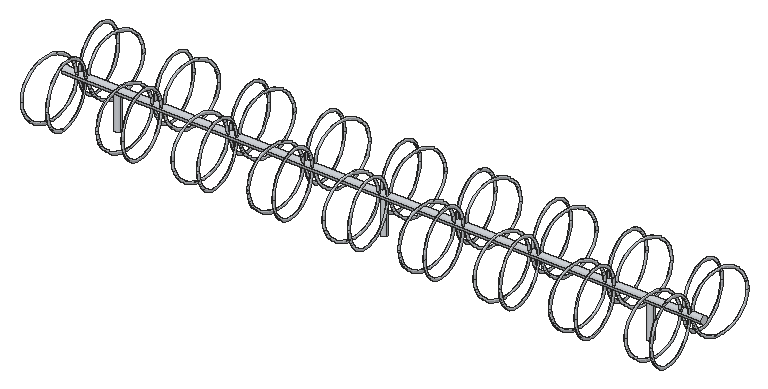
Revit family "3dbac66c25624a949559f67e3ccd6e30", category Specialty Equipment, Revit 2021
Family settings
  Round Connector Dimension = Use Diameter
  Part Type = Normal
  OmniClass Number = 23.40.10.11.11
  OmniClass Title = Bicycle Racks
  Seek Item ID = Bicycle Rack 2-0000-USA-ENU
  Work Plane-Based = No
  Always vertical = Yes
  Cut with Voids When Loaded = No
  Shared = No
  Room Calculation Point = No
Parameters (values of type "Type 1")
  Default Elevation = 0' - 0"
Reference planes (in)
  plane 1 "Center (Front/Back)": y = 0
  plane 2: z = 0
  plane 3 "Center (Left/Right)": x = 0
  plane 4: x = -90
  plane 5: z = 11.99997
  plane 6: z = 11.99997
  plane 7: z = 11.99997
  plane 8: z = 11.99997
  plane 9: z = 11.99997
  plane 10: z = 11.99997
  plane 11: x = 90
  plane 12: x = -102
  plane 13: x = -76.5
  plane 14: x = -51
  plane 15: x = -25.5
  plane 16: x = 0
  plane 17: x = 25.5
  plane 18: x = 51
  plane 19: x = 76.5
  plane 20: x = 102
  plane 21: z = 11.99997
  plane 22: z = 11.99997
  plane 23: z = 11.99997
  plane 24: z = 11.99997
  plane 25: z = 11.99997
  plane 26: z = 11.99997
  plane 27: z = 11.99997
  plane 28: z = 11.99997
  plane 29: z = 11.99997
  plane 30: z = 11.99997
  plane 31: z = 11.99997
  plane 32: z = 11.99997
  plane 33: z = 11.99997
  plane 34: z = 11.99997
  plane 35: z = 11.99997
  plane 36: z = 11.99997
  plane 37: z = 11.99997
  plane 38: z = 11.99997
  plane 39: z = 11.99997
  plane 40: z = 11.99997
  plane 41: z = 11.99997
  plane 42: z = 11.99997
  plane 43: z = 11.99997
  plane 44: z = 11.99997
  plane 45: z = 11.99997
  plane 46: z = 11.99997
  plane 47: z = 11.99997
  plane 48: z = 11.99997
  plane 49: z = 11.99997
  plane 50: z = 11.99997
  plane 51: z = 11.99997
  plane 52: z = 11.99997
  plane 53: z = 11.99997
  plane 54: z = 11.99997
  plane 55: z = 11.99997
  plane 56: z = 11.99997
  plane 57: x = -108
  plane 58: x = 108
Forms (in)
  Extrusion 1, solid
    sketch origin (108, 0, 12) x (0, -1, 0) y (0, 0, 1)
      loop
        circle (0, 0) r 1.1875
    from 0 to 216
  Extrusion 2, solid
    sketch origin (-6, 0, 0) x (1, 0, 0) y (0, 1, 0)
      loop
        circle (-84, 0) r 1
    from 0 to 12
  Sweep 3, solid, not visible
    path origin (-1.43806, 10.75267, 0) x (-0.139173, 0.990268, 0) y (0, 0, 1)
      loop
        circle (0.25, 11.99997) r 10
    profile origin (-1.47285, 11.00023, 1.99997) x (0, 0, 1) y (0.990268, 0.139173, 0)
      loop
        circle (0, -7.5) r 0.3125
  Sweep 4, solid, not visible
    path origin (-10.56194, 10.75267, 0) x (0.139173, 0.990268, 0) y (0, 0, -1)
      loop
        circle (0.25, -11.99997) r 10
    profile origin (-10.52715, 11.00023, 1.99997) x (0, 0, -1) y (-0.990268, 0.139173, 0)
      loop
        circle (0, -7.5) r 0.3125
  Extrusion 5, solid
    sketch origin (84, 0, 0) x (1, 0, 0) y (0, 1, 0)
      loop
        circle (-84, 0) r 1
    from 0 to 12
  Sweep 6, solid, not visible
    path origin (-85.43806, 11.25267, 0) x (-0.139173, 0.990268, 0) y (0, 0, 1)
      loop
        circle (0.25, 11.99997) r 10
    profile origin (-85.47285, 11.50023, 1.99997) x (0, 0, 1) y (0.990268, 0.139173, 0)
      loop
        circle (0, -7.5) r 0.3125
  Sweep 7, solid, not visible
    path origin (-94.56194, 11.25267, 0) x (0.139173, 0.990268, 0) y (0, 0, -1)
      loop
        circle (0.25, -11.99997) r 10
    profile origin (-94.52715, 11.50023, 1.99997) x (0, 0, -1) y (-0.990268, 0.139173, 0)
      loop
        circle (0, -7.5) r 0.3125
  Sweep 8, solid, not visible
    path origin (-94.56194, -11.25267, 0) x (0.139173, -0.990268, 0) y (0, 0, 1)
      loop
        circle (0.25, 11.99997) r 10
    profile origin (-94.52715, -11.50023, 1.99997) x (0, 0, 1) y (-0.990268, -0.139173, 0)
      loop
        circle (0, -7.5) r 0.3125
  Sweep 9, solid, not visible
    path origin (-85.43806, -11.25267, 0) x (-0.139173, -0.990268, 0) y (0, 0, -1)
      loop
        circle (0.25, -11.99997) r 10
    profile origin (-85.47285, -11.50023, 1.99997) x (0, 0, -1) y (0.990268, -0.139173, 0)
      loop
        circle (0, -7.5) r 0.3125
  Extrusion 10, solid
    sketch origin (174, 0, 0) x (1, 0, 0) y (0, 1, 0)
      loop
        circle (-84, 0) r 1
    from 0 to 12
  Sweep 11, solid
    path origin (106.56194, 11.25267, 0) x (-0.139173, 0.990268, 0) y (0, 0, 1)
      loop
        circle (0.25, 11.99997) r 10
    profile origin (106.52715, 11.50023, 1.99997) x (0, 0, 1) y (0.990268, 0.139173, 0)
      loop
        circle (0, -7.5) r 0.3125
  Sweep 12, solid
    path origin (97.43806, 11.25267, 0) x (0.139173, 0.990268, 0) y (0, 0, -1)
      loop
        circle (0.25, -11.99997) r 10
    profile origin (97.47285, 11.50023, 1.99997) x (0, 0, -1) y (-0.990268, 0.139173, 0)
      loop
        circle (0, -7.5) r 0.3125
  Sweep 13, solid
    path origin (97.43806, -11.25267, 0) x (0.139173, -0.990268, 0) y (0, 0, 1)
      loop
        circle (0.25, 11.99997) r 10
    profile origin (97.47285, -11.50023, 1.99997) x (0, 0, 1) y (-0.990268, -0.139173, 0)
      loop
        circle (0, -7.5) r 0.3125
  Sweep 14, solid
    path origin (106.56194, -11.25267, 0) x (-0.139173, -0.990268, 0) y (0, 0, -1)
      loop
        circle (0.25, -11.99997) r 10
    profile origin (106.52715, -11.50023, 1.99997) x (0, 0, -1) y (0.990268, -0.139173, 0)
      loop
        circle (0, -7.5) r 0.3125
  Extrusion 15, solid
    sketch origin (84, 0, 0) x (1, 0, 0) y (0, 1, 0)
      loop
        circle (-84, 0) r 1
    from 0 to 12
  Extrusion 16, solid
    sketch origin (174, 0, 0) x (1, 0, 0) y (0, 1, 0)
      loop
        circle (-84, 0) r 1
    from 0 to 12
  Sweep 17, solid
    path origin (81.06194, 11.25267, 0) x (-0.139173, 0.990268, 0) y (0, 0, 1)
      loop
        circle (0.25, 11.99997) r 10
    profile origin (81.02715, 11.50023, 1.99997) x (0, 0, 1) y (0.990268, 0.139173, 0)
      loop
        circle (0, -7.5) r 0.3125
  Sweep 18, solid
    path origin (71.93806, 11.25267, 0) x (0.139173, 0.990268, 0) y (0, 0, -1)
      loop
        circle (0.25, -11.99997) r 10
    profile origin (71.97285, 11.50023, 1.99997) x (0, 0, -1) y (-0.990268, 0.139173, 0)
      loop
        circle (0, -7.5) r 0.3125
  Sweep 19, solid
    path origin (71.93806, -11.25267, 0) x (0.139173, -0.990268, 0) y (0, 0, 1)
      loop
        circle (0.25, 11.99997) r 10
    profile origin (71.97285, -11.50023, 1.99997) x (0, 0, 1) y (-0.990268, -0.139173, 0)
      loop
        circle (0, -7.5) r 0.3125
  Sweep 20, solid
    path origin (81.06194, -11.25267, 0) x (-0.139173, -0.990268, 0) y (0, 0, -1)
      loop
        circle (0.25, -11.99997) r 10
    profile origin (81.02715, -11.50023, 1.99997) x (0, 0, -1) y (0.990268, -0.139173, 0)
      loop
        circle (0, -7.5) r 0.3125
  Sweep 21, solid
    path origin (55.56194, 11.25267, 0) x (-0.139173, 0.990268, 0) y (0, 0, 1)
      loop
        circle (0.25, 11.99997) r 10
    profile origin (55.52715, 11.50023, 1.99997) x (0, 0, 1) y (0.990268, 0.139173, 0)
      loop
        circle (0, -7.5) r 0.3125
  Sweep 22, solid
    path origin (46.43806, 11.25267, 0) x (0.139173, 0.990268, 0) y (0, 0, -1)
      loop
        circle (0.25, -11.99997) r 10
    profile origin (46.47285, 11.50023, 1.99997) x (0, 0, -1) y (-0.990268, 0.139173, 0)
      loop
        circle (0, -7.5) r 0.3125
  Sweep 23, solid
    path origin (46.43806, -11.25267, 0) x (0.139173, -0.990268, 0) y (0, 0, 1)
      loop
        circle (0.25, 11.99997) r 10
    profile origin (46.47285, -11.50023, 1.99997) x (0, 0, 1) y (-0.990268, -0.139173, 0)
      loop
        circle (0, -7.5) r 0.3125
  Sweep 24, solid
    path origin (55.56194, -11.25267, 0) x (-0.139173, -0.990268, 0) y (0, 0, -1)
      loop
        circle (0.25, -11.99997) r 10
    profile origin (55.52715, -11.50023, 1.99997) x (0, 0, -1) y (0.990268, -0.139173, 0)
      loop
        circle (0, -7.5) r 0.3125
  Sweep 25, solid
    path origin (30.06194, 11.25267, 0) x (-0.139173, 0.990268, 0) y (0, 0, 1)
      loop
        circle (0.25, 11.99997) r 10
    profile origin (30.02715, 11.50023, 1.99997) x (0, 0, 1) y (0.990268, 0.139173, 0)
      loop
        circle (0, -7.5) r 0.3125
  Sweep 26, solid
    path origin (20.93806, 11.25267, 0) x (0.139173, 0.990268, 0) y (0, 0, -1)
      loop
        circle (0.25, -11.99997) r 10
    profile origin (20.97285, 11.50023, 1.99997) x (0, 0, -1) y (-0.990268, 0.139173, 0)
      loop
        circle (0, -7.5) r 0.3125
  Sweep 27, solid
    path origin (20.93806, -11.25267, 0) x (0.139173, -0.990268, 0) y (0, 0, 1)
      loop
        circle (0.25, 11.99997) r 10
    profile origin (20.97285, -11.50023, 1.99997) x (0, 0, 1) y (-0.990268, -0.139173, 0)
      loop
        circle (0, -7.5) r 0.3125
  Sweep 28, solid
    path origin (30.06194, -11.25267, 0) x (-0.139173, -0.990268, 0) y (0, 0, -1)
      loop
        circle (0.25, -11.99997) r 10
    profile origin (30.02715, -11.50023, 1.99997) x (0, 0, -1) y (0.990268, -0.139173, 0)
      loop
        circle (0, -7.5) r 0.3125
  Sweep 29, solid
    path origin (4.56194, 11.25267, 0) x (-0.139173, 0.990268, 0) y (0, 0, 1)
      loop
        circle (0.25, 11.99997) r 10
    profile origin (4.52715, 11.50023, 1.99997) x (0, 0, 1) y (0.990268, 0.139173, 0)
      loop
        circle (0, -7.5) r 0.3125
  Sweep 30, solid
    path origin (-4.56194, 11.25267, 0) x (0.139173, 0.990268, 0) y (0, 0, -1)
      loop
        circle (0.25, -11.99997) r 10
    profile origin (-4.52715, 11.50023, 1.99997) x (0, 0, -1) y (-0.990268, 0.139173, 0)
      loop
        circle (0, -7.5) r 0.3125
  Sweep 31, solid
    path origin (-4.56194, -11.25267, 0) x (0.139173, -0.990268, 0) y (0, 0, 1)
      loop
        circle (0.25, 11.99997) r 10
    profile origin (-4.52715, -11.50023, 1.99997) x (0, 0, 1) y (-0.990268, -0.139173, 0)
      loop
        circle (0, -7.5) r 0.3125
  Sweep 32, solid
    path origin (4.56194, -11.25267, 0) x (-0.139173, -0.990268, 0) y (0, 0, -1)
      loop
        circle (0.25, -11.99997) r 10
    profile origin (4.52715, -11.50023, 1.99997) x (0, 0, -1) y (0.990268, -0.139173, 0)
      loop
        circle (0, -7.5) r 0.3125
  Sweep 33, solid
    path origin (-20.93806, 11.25267, 0) x (-0.139173, 0.990268, 0) y (0, 0, 1)
      loop
        circle (0.25, 11.99997) r 10
    profile origin (-20.97285, 11.50023, 1.99997) x (0, 0, 1) y (0.990268, 0.139173, 0)
      loop
        circle (0, -7.5) r 0.3125
  Sweep 34, solid
    path origin (-30.06194, 11.25267, 0) x (0.139173, 0.990268, 0) y (0, 0, -1)
      loop
        circle (0.25, -11.99997) r 10
    profile origin (-30.02715, 11.50023, 1.99997) x (0, 0, -1) y (-0.990268, 0.139173, 0)
      loop
        circle (0, -7.5) r 0.3125
  Sweep 35, solid
    path origin (-30.06194, -11.25267, 0) x (0.139173, -0.990268, 0) y (0, 0, 1)
      loop
        circle (0.25, 11.99997) r 10
    profile origin (-30.02715, -11.50023, 1.99997) x (0, 0, 1) y (-0.990268, -0.139173, 0)
      loop
        circle (0, -7.5) r 0.3125
  Sweep 36, solid
    path origin (-20.93806, -11.25267, 0) x (-0.139173, -0.990268, 0) y (0, 0, -1)
      loop
        circle (0.25, -11.99997) r 10
    profile origin (-20.97285, -11.50023, 1.99997) x (0, 0, -1) y (0.990268, -0.139173, 0)
      loop
        circle (0, -7.5) r 0.3125
  Sweep 37, solid
    path origin (-46.43806, 11.25267, 0) x (-0.139173, 0.990268, 0) y (0, 0, 1)
      loop
        circle (0.25, 11.99997) r 10
    profile origin (-46.47285, 11.50023, 1.99997) x (0, 0, 1) y (0.990268, 0.139173, 0)
      loop
        circle (0, -7.5) r 0.3125
  Sweep 38, solid
    path origin (-55.56194, 11.25267, 0) x (0.139173, 0.990268, 0) y (0, 0, -1)
      loop
        circle (0.25, -11.99997) r 10
    profile origin (-55.52715, 11.50023, 1.99997) x (0, 0, -1) y (-0.990268, 0.139173, 0)
      loop
        circle (0, -7.5) r 0.3125
  Sweep 39, solid
    path origin (-55.56194, -11.25267, 0) x (0.139173, -0.990268, 0) y (0, 0, 1)
      loop
        circle (0.25, 11.99997) r 10
    profile origin (-55.52715, -11.50023, 1.99997) x (0, 0, 1) y (-0.990268, -0.139173, 0)
      loop
        circle (0, -7.5) r 0.3125
  Sweep 40, solid
    path origin (-46.43806, -11.25267, 0) x (-0.139173, -0.990268, 0) y (0, 0, -1)
      loop
        circle (0.25, -11.99997) r 10
    profile origin (-46.47285, -11.50023, 1.99997) x (0, 0, -1) y (0.990268, -0.139173, 0)
      loop
        circle (0, -7.5) r 0.3125
  Sweep 41, solid
    path origin (-71.93806, 11.25267, 0) x (-0.139173, 0.990268, 0) y (0, 0, 1)
      loop
        circle (0.25, 11.99997) r 10
    profile origin (-71.97285, 11.50023, 1.99997) x (0, 0, 1) y (0.990268, 0.139173, 0)
      loop
        circle (0, -7.5) r 0.3125
  Sweep 42, solid
    path origin (-81.06194, 11.25267, 0) x (0.139173, 0.990268, 0) y (0, 0, -1)
      loop
        circle (0.25, -11.99997) r 10
    profile origin (-81.02715, 11.50023, 1.99997) x (0, 0, -1) y (-0.990268, 0.139173, 0)
      loop
        circle (0, -7.5) r 0.3125
  Sweep 43, solid
    path origin (-81.06194, -11.25267, 0) x (0.139173, -0.990268, 0) y (0, 0, 1)
      loop
        circle (0.25, 11.99997) r 10
    profile origin (-81.02715, -11.50023, 1.99997) x (0, 0, 1) y (-0.990268, -0.139173, 0)
      loop
        circle (0, -7.5) r 0.3125
  Sweep 44, solid
    path origin (-71.93806, -11.25267, 0) x (-0.139173, -0.990268, 0) y (0, 0, -1)
      loop
        circle (0.25, -11.99997) r 10
    profile origin (-71.97285, -11.50023, 1.99997) x (0, 0, -1) y (0.990268, -0.139173, 0)
      loop
        circle (0, -7.5) r 0.3125
  Sweep 45, solid
    path origin (-97.43806, 11.25267, 0) x (-0.139173, 0.990268, 0) y (0, 0, 1)
      loop
        circle (0.25, 11.99997) r 10
    profile origin (-97.47285, 11.50023, 1.99997) x (0, 0, 1) y (0.990268, 0.139173, 0)
      loop
        circle (0, -7.5) r 0.3125
  Sweep 46, solid
    path origin (-106.56194, 11.25267, 0) x (0.139173, 0.990268, 0) y (0, 0, -1)
      loop
        circle (0.25, -11.99997) r 10
    profile origin (-106.52715, 11.50023, 1.99997) x (0, 0, -1) y (-0.990268, 0.139173, 0)
      loop
        circle (0, -7.5) r 0.3125
  Sweep 47, solid
    path origin (-106.56194, -11.25267, 0) x (0.139173, -0.990268, 0) y (0, 0, 1)
      loop
        circle (0.25, 11.99997) r 10
    profile origin (-106.52715, -11.50023, 1.99997) x (0, 0, 1) y (-0.990268, -0.139173, 0)
      loop
        circle (0, -7.5) r 0.3125
  Sweep 48, solid
    path origin (-97.43806, -11.25267, 0) x (-0.139173, -0.990268, 0) y (0, 0, -1)
      loop
        circle (0.25, -11.99997) r 10
    profile origin (-97.47285, -11.50023, 1.99997) x (0, 0, -1) y (0.990268, -0.139173, 0)
      loop
        circle (0, -7.5) r 0.3125
Lines and regions (in)
  symbolic lines
    curve 1: line (100.50444, -0.38419, 0) -> (97.65139, -20.68468, 0)
    curve 2: line (103.49556, -0.38419, 0) -> (106.34861, -20.68468, 0)
    curve 3: line (100.50444, 0.38419, 0) -> (97.65139, 20.68468, 0)
    curve 4: line (103.49556, 0.38419, 0) -> (106.34861, 20.68468, 0)
    curve 5: line (75.00444, -0.38419, 0) -> (72.15139, -20.68468, 0)
    curve 6: line (77.99556, -0.38419, 0) -> (80.84861, -20.68468, 0)
    curve 7: line (75.00444, 0.38419, 0) -> (72.15139, 20.68468, 0)
    curve 8: line (77.99556, 0.38419, 0) -> (80.84861, 20.68468, 0)
    curve 9: line (49.50444, -0.38419, 0) -> (46.65139, -20.68468, 0)
    curve 10: line (52.49556, -0.38419, 0) -> (55.34861, -20.68468, 0)
    curve 11: line (49.50444, 0.38419, 0) -> (46.65139, 20.68468, 0)
    curve 12: line (52.49556, 0.38419, 0) -> (55.34861, 20.68468, 0)
    curve 13: line (24.00444, -0.38419, 0) -> (21.15139, -20.68468, 0)
    curve 14: line (26.99556, -0.38419, 0) -> (29.84861, -20.68468, 0)
    curve 15: line (24.00444, 0.38419, 0) -> (21.15139, 20.68468, 0)
    curve 16: line (26.99556, 0.38419, 0) -> (29.84861, 20.68468, 0)
    curve 17: line (-1.49556, -0.38419, 0) -> (-4.34861, -20.68468, 0)
    curve 18: line (1.49556, -0.38419, 0) -> (4.34861, -20.68468, 0)
    curve 19: line (-1.49556, 0.38419, 0) -> (-4.34861, 20.68468, 0)
    curve 20: line (1.49556, 0.38419, 0) -> (4.34861, 20.68468, 0)
    curve 21: line (-26.99556, -0.38419, 0) -> (-29.84861, -20.68468, 0)
    curve 22: line (-24.00444, -0.38419, 0) -> (-21.15139, -20.68468, 0)
    curve 23: line (-26.99556, 0.38419, 0) -> (-29.84861, 20.68468, 0)
    curve 24: line (-24.00444, 0.38419, 0) -> (-21.15139, 20.68468, 0)
    curve 25: line (-52.49556, -0.38419, 0) -> (-55.34861, -20.68468, 0)
    curve 26: line (-49.50444, -0.38419, 0) -> (-46.65139, -20.68468, 0)
    curve 27: line (-52.49556, 0.38419, 0) -> (-55.34861, 20.68468, 0)
    curve 28: line (-49.50444, 0.38419, 0) -> (-46.65139, 20.68468, 0)
    curve 29: line (-77.99556, -0.38419, 0) -> (-80.84861, -20.68468, 0)
    curve 30: line (-75.00444, -0.38419, 0) -> (-72.15139, -20.68468, 0)
    curve 31: line (-77.99556, 0.38419, 0) -> (-80.84861, 20.68468, 0)
    curve 32: line (-75.00444, 0.38419, 0) -> (-72.15139, 20.68468, 0)
    curve 33: line (-103.49556, -0.38419, 0) -> (-106.34861, -20.68468, 0)
    curve 34: line (-100.50444, -0.38419, 0) -> (-97.65139, -20.68468, 0)
    curve 35: line (-103.49556, 0.38419, 0) -> (-106.34861, 20.68468, 0)
    curve 36: line (-100.50444, 0.38419, 0) -> (-97.65139, 20.68468, 0)
    curve 37: line (-108, -1.1875, 0) -> (108, -1.1875, 0)
    curve 38: line (-108, 1.1875, 0) -> (-108, -1.1875, 0)
    curve 39: line (108, 1.1875, 0) -> (-108, 1.1875, 0)
    curve 40: line (108, -1.1875, 0) -> (108, 1.1875, 0)
    curve 41: line (-108, 0, 10.8125) -> (108, 0, 10.8125)
    curve 42: line (-108, 0, 13.1875) -> (-108, 0, 10.8125)
    curve 43: line (108, 0, 13.1875) -> (-108, 0, 13.1875)
    curve 44: line (108, 0, 10.8125) -> (108, 0, 13.1875)
    curve 45: line (-91, 0, 10.8125) -> (-91, 0, 0)
    curve 46: line (-91, 0, 0) -> (-89, 0, 0)
    curve 47: line (-89, 0, 0) -> (-89, 0, 10.8125)
    curve 48: line (-1, 0, 10.8125) -> (-1, 0, 0)
    curve 49: line (-1, 0, 0) -> (1, 0, 0)
    curve 50: line (1, 0, 0) -> (1, 0, 10.8125)
    curve 51: line (89, 0, 10.8125) -> (89, 0, 0)
    curve 52: line (89, 0, 0) -> (91, 0, 0)
    curve 53: line (91, 0, 0) -> (91, 0, 10.8125)
Dimensions and locks (in)
  plane 4 to plane 3 "Center (Left/Right)" = 7' - 6"
  plane 3 "Center (Left/Right)" to plane 11 = 7' - 6"
